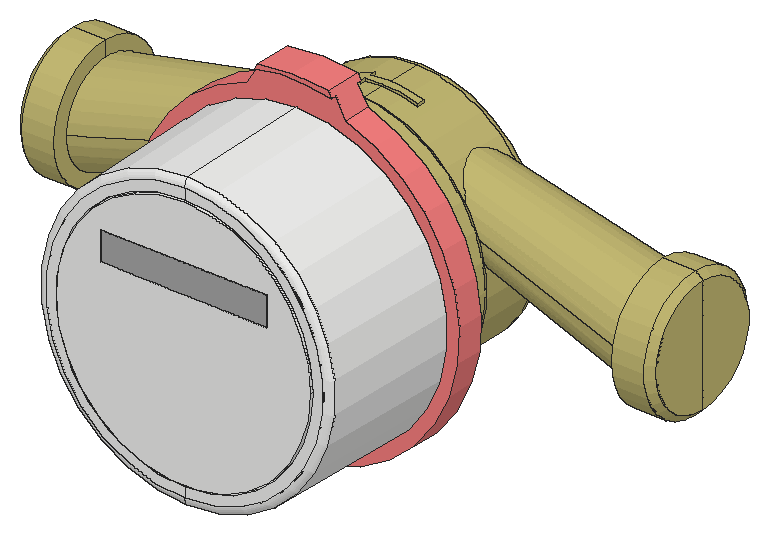
Revit family "СВЭУ", category Арматура трубопроводов, Revit 2019
Family settings
  Размер круглого соединителя = Использовать диаметр
  Тип детали = Вставляется
  На основе рабочей плоскости = Нет
  Всегда вертикально = Да
  При загрузке вырезать с полостями = Нет
  Общий = Нет
Parameters (values of type "СВЭУ-20-3.130.LW")
  Степень защиты = "IP54"
  Сайт производителя = "https://chronosmeter.com/"
  Резьба = 8 mm  # constant formula
  Разработка семейства = "Вадим Муратов ♦ muratovbim.pro"  # constant formula
  Номинальный расход = if(L = 110 mm, 1.500 m³/h, if(L = 80 mm, 1.500 m³/h, 2.500 m³/h))  # 2.500 m³/h
  Номинальное давление = 1600000.0 Pa  # constant formula
  Максимальный расход воды [instance] = if(L = 110 mm, 3.000 m³/h, if(L = 80 mm, 3.000 m³/h, 5.000 m³/h))  # 5.000 m³/h
  Интерфейс = "LoRaWAN"
  Изготовитель = "Valtec"  # constant formula
  Антенна = "внутренняя"
  L = 130 mm
  ADSK_Наименование = "Счетчик воды электронный универсальный СВЭУ-15, без монтажного комплекта"
  ADSK_Метрологический класс = "B"
  ADSK_Масса = if(L = 110 mm, 0.43, if(L = 80 mm, 0.43, 0.54))  # 0.54
  ADSK_Марка = "СВЭУ-20-3.130.LW"
  ADSK_Количество = 1  # constant formula
  ADSK_Код изделия = "C148-1103"
  ADSK_Завод-изготовитель = "Chronos Meter"  # constant formula
  ADSK_Единица измерения = "шт."  # constant formula
  ADSK_Диаметр условный = 20 mm
  ADSK_Версия семейства = "1.0"  # constant formula
  ADSK_Версия Revit = "2019"  # constant formula
  ADSK_URL страницы изделия = "https://valtec.ru/catalog/sistemy_dispetcherizacii/pribory_ucheta/vodoschetchik_universalnyj_s_besprovodnym_interfejsom_peredachi_dannyh_lora_bez_sgonov.html"
  ADSK_URL документации изделия = "https://valtec.ru/document/technical/VLF-SVEU-1023.pdf"
Types (22, lengths in mm): name | Степень защиты | Номинальный расход | Максимальный расход воды | Интерфейс | Антенна | L | ADSK_Метрологический класс | ADSK_Масса | ADSK_Марка | ADSK_Код изделия | ADSK_Диаметр условный
  СВЭУ-15-3.110.RS | "IP54" | 1.500 m³/h | 3.000 m³/h | "RS-485" | "-" | 110 | "B" | 0.43 | "СВЭУ-15-3.110.RS" | "C148-0300" | 15
  СВЭУ-15-3.110.MB | "IP54" | 1.500 m³/h | 3.000 m³/h | "M-BUS" | "-" | 110 | "B" | 0.43 | "СВЭУ-15-3.110.MB" | "C148-0301" | 15
  СВЭУ-15-3.110.WM | "IP54" | 1.500 m³/h | 3.000 m³/h | "wM-Bus" | "внутренняя" | 110 | "B" | 0.43 | "СВЭУ-15-3.110.WM" | "C148-0302" | 15
  СВЭУ-15-3.110.LW | "IP54" | 1.500 m³/h | 3.000 m³/h | "LoRaWAN" | "внутренняя" | 110 | "B" | 0.43 | "СВЭУ-15-3.110.LW" | "C148-0303" | 15
  СВЭУ-15C-4.110.LW | "IP54" | 1.500 m³/h | 3.000 m³/h | "LoRaWAN" | "внутренняя" | 110 | "C" | 0.43 | "СВЭУ-15C-4.110.LW" | "C148-0703" | 15
  СВЭУ-15-3.110.NT | "IP54" | 1.500 m³/h | 3.000 m³/h | "NB-IoT" | "внутренняя" | 110 | "B" | 0.43 | "СВЭУ-15-3.110.NT" | "C148-0305" | 15
  СВЭУ-15-3.80.RS | "IP54" | 1.500 m³/h | 3.000 m³/h | "RS-485" | "-" | 80 | "B" | 0.43 | "СВЭУ-15-3.80.RS" | "C148-0400" | 15
  СВЭУ-15-3.80.MB | "IP54" | 1.500 m³/h | 3.000 m³/h | "M-BUS" | "-" | 80 | "B" | 0.43 | "СВЭУ-15-3.80.MB" | "C148-0401" | 15
  СВЭУ-15-3.80.WM | "IP54" | 1.500 m³/h | 3.000 m³/h | "wM-BUS" | "внутренняя" | 80 | "B" | 0.43 | "СВЭУ-15-3.80.WM" | "C148-0402" | 15
  СВЭУ-15-3.80.LW | "IP54" | 1.500 m³/h | 3.000 m³/h | "LoRaWAN" | "внутренняя" | 80 | "B" | 0.43 | "СВЭУ-15-3.80.LW" | "C148-0403" | 15
  СВЭУ-15-3.80.NT | "IP54" | 1.500 m³/h | 3.000 m³/h | "NB-IoT" | "внутренняя" | 80 | "B" | 0.43 | "СВЭУ-15-3.80.NT" | "C148-0405" | 15
  СВЭУ-20-3.130.RS | "IP54" | 2.500 m³/h | 5.000 m³/h | "RS-485" | "-" | 130 | "B" | 0.54 | "СВЭУ-20-3.130.RS" | "C148-1100" | 20
  СВЭУ-20-3.130.MB | "IP54" | 2.500 m³/h | 5.000 m³/h | "M-BUS" | "-" | 130 | "B" | 0.54 | "СВЭУ-20-3.130.MB" | "C148-1101" | 20
  СВЭУ-20-3.130.WM | "IP54" | 2.500 m³/h | 5.000 m³/h | "wM-BUS" | "внутренняя" | 130 | "B" | 0.54 | "СВЭУ-20-3.130.WM" | "C148-1102" | 20
  СВЭУ-20-3.130.LW | "IP54" | 2.500 m³/h | 5.000 m³/h | "LoRaWAN" | "внутренняя" | 130 | "B" | 0.54 | "СВЭУ-20-3.130.LW" | "C148-1103" | 20
  СВЭУ-20-3.130.NT | "IP54" | 2.500 m³/h | 5.000 m³/h | "NB-IoT" | "внутренняя" | 130 | "B" | 0.54 | "СВЭУ-20-3.130.NT" | "C148-1105" | 20
  Протей 15.8 | "IP68" | 1.500 m³/h | 3.000 m³/h | "wM-Bus" | "внутренняя" | 110 | "B" | 0.43 | "Протей 15.8" | "C046-0100" | 15
  Протей 15C.8 | "IP68" | 1.500 m³/h | 3.000 m³/h | "wM-Bus" | "внутренняя" | 110 | "C" | 0.43 | "Протей 15C.8" | "C046-0700" | 15
  Протей 15.L.8.A | "IP68" | 1.500 m³/h | 3.000 m³/h | "LoRaWAN" | "внешняя" | 110 | "B" | 0.43 | "Протей 15.L.8.A" | "C046-0104" | 15
  Протей 15C.L.8.A | "IP68" | 1.500 m³/h | 3.000 m³/h | "LoRaWAN" | "внешняя" | 110 | "C" | 0.43 | "Протей 15C.L.8.A" | "C046-0106" | 15
  Протей 20.8 | "IP68" | 2.500 m³/h | 5.000 m³/h | "wM-BUS" | "внутренняя" | 130 | "B" | 0.54 | "Протей 20.8" | "C046-0300" | 20
  Протей 20.L.8.A | "IP68" | 2.500 m³/h | 5.000 m³/h | "LoRaWAN" | "внешняя" | 130 | "B" | 0.54 | "Протей 20.L.8.A" | "C046-0306" | 20
Reference planes
  plane 1 "По центру (Вперед/Назад)": y = 0
  plane 2: z = 0
  plane 3 "По центру (Влево/Вправо)": x = 0
  plane 4: x = -65
  plane 5: x = 65
  plane 6: x = -57
  plane 7: x = 57
Forms (mm)
  Revolve 1, solid, material "Латунь матовая", detail levels fine
    sketch origin (0, 0, 0) x (0, 1, 0) y (0, 0, 1)
      loop
        line (-16.8, 28.5) -> (-16.8, 0) -> (10.2, 0) -> (10.2, 23)
        arc (10.2, 23) -> (9.614, 24.414) -> (8.2, 25) r 2
        line (8.2, 25) -> (-6.8, 25)
        arc (-6.8, 25) -> (-7.507, 25.293) -> (-7.8, 26) r 1
        line (-7.8, 26) -> (-7.8, 26.8)
        arc (-7.8, 26.8) -> (-7.946, 27.154) -> (-8.3, 27.3) r 0.5
        line (-8.3, 27.3) -> (-13.6, 27.3)
        arc (-13.6, 27.3) -> (-14.449, 27.651) -> (-14.8, 28.5) r 1.2
        line (-14.8, 28.5) -> (-16.8, 28.5)
      axis (-16.8, 0) -> (10.2, 0)
    angle from 0 to 360
  Blend 2, solid, material "Латунь матовая", detail levels fine
    base sketch origin (0, 0, 0) x (0, 1, 0) y (0, 0, 1)
      loop
        circle (0, 0) r 10.2
    top sketch origin (0, 0, 0) x (0, 1, 0) y (0, 0, 1)
      loop
        circle (2, 12.891) r 7.5
    from -57 to -7.342
  Blend 3, solid, material "Латунь матовая", detail levels fine
    base sketch origin (0, 0, 0) x (0, 1, 0) y (0, 0, 1)
      loop
        circle (0, 0) r 10.2
    top sketch origin (0, 0, 0) x (0, 1, 0) y (0, 0, 1)
      loop
        circle (2, 12.891) r 7.5
    from 57 to 7.3
  Revolve 4, solid, material "Латунь матовая", detail levels fine
    sketch origin (0, 0, 0) x (1, 0, 0) y (0, 0, 1)
      loop
        line (-65, 0) -> (-57, 0) -> (-57, 13.2) -> (-63.6, 13.2) -> (-65, 11.8) -> (-65, 0)
      loop
        line (65, 0) -> (65, 11.8) -> (63.6, 13.2) -> (57, 13.2) -> (57, 0) -> (65, 0)
      axis (-65, 0) -> (65, 0)
    angle from 0 to 360
  Extrusion 5, solid, material "Пластик красный", detail levels fine
    sketch origin (0, 0, 0) x (1, 0, 0) y (0, 0, 1)
      loop
        line (10, 31.711) -> (7.88, 35.383)
        arc (7.88, 35.383) -> (0, 36.25) -> (-7.88, 35.383) r 36.25
        line (-7.88, 35.383) -> (-10, 31.711)
        arc (-10, 31.711) -> (0, -33.25) -> (10, 31.711) r 33.25
    from 16.8 to 22.3
  Extrusion 6, solid, material "Пластик красный", detail levels fine
    sketch origin (0, 0, 0) x (1, 0, 0) y (0, 0, 1)
      loop
        line (-7.208, 36.546) -> (-7.88, 35.383)
        arc (-7.88, 35.383) -> (0, 36.25) -> (7.88, 35.383) r 36.25
        line (7.88, 35.383) -> (7.208, 36.546)
        arc (7.208, 36.546) -> (0, 37.25) -> (-7.208, 36.546) r 37.25
    from 15.8 to 23.3
  Revolve 7, solid, material "Пластик белый", detail levels fine
    sketch origin (0, 0, 0) x (0, 1, 0) y (0, 0, 1)
      loop
        arc (-50.144, 30.041) -> (-50.773, 29.325) -> (-51, 28.4) r 2
        line (-51, 28.4) -> (-51, 26.336) -> (-50, 26.336) -> (-50, 0) -> (-22.3, 0) -> (-22.3, 30.6) -> (-50.144, 30.041)
      axis (-22.3, 0) -> (-51, 0)
    angle from 0 to 360
  Extrusion 8, solid, material "Дисплей", detail levels fine
    sketch origin (0, 0, 0) x (1, 0, 0) y (0, 0, 1)
      loop
        line (-17, 15) -> (-17, 9) -> (17, 9) -> (17, 15) -> (-17, 15)
    from 50.4 to 51.3
  Extrusion 9, solid, material "Пластик белый", detail levels fine
    sketch origin (0, 0, 0) x (1, 0, 0) y (0, 0, 1)
      loop
        circle (0, 0) r 26
      loop
        line (-17, 15) -> (-17, 9) -> (17, 9) -> (17, 15) -> (-17, 15)
    from 50.4 to 51.3
  Extrusion 10, solid, material "Латунь матовая", detail levels fine
    sketch origin (0, 0, 0) x (1, 0, 0) y (0, 1, 0)
      loop
        line (-3.396, 0.75) -> (-3.396, 1.75) -> (-7.727, 0) -> (-3.396, -1.75) -> (-3.409, -0.75) -> (7.409, -0.75) -> (7.409, 0.75) -> (-3.396, 0.75)
    from -25.5 to 25.5
  Extrusion 11, void
    sketch origin (0, 0, 0) x (1, 0, 0) y (0, 0, 1)
      loop
        circle (0, 0) r 25.5
      loop
        circle (0, 0) r 26.964
    from -2.5 to 2.5
Cuts and joins
  Extrusion 11 cuts Extrusion 10
  joined: Revolve 1, Blend 2, Blend 3, Extrusion 10
  Extrusion 11 cuts Extrusion 5
  Extrusion 11 cuts Extrusion 6
  joined: Extrusion 5, Extrusion 6
  Extrusion 11 cuts Extrusion 9
Lines and regions (mm)
  model lines, not visible, detail levels fine
    curve 1: line (11.113, -67.271, 36.978) -> (9.396, -67.271, 36.978)
    curve 2: line (9.396, -67.271, 36.978) -> (9.396, -67.271, 34.24)
    curve 3: line (9.396, -67.271, 34.24) -> (11.113, -67.271, 34.24)
    curve 4: line (11.61, -67.271, 36.978) -> (11.61, -67.271, 34.24)
    curve 5: line (15.54, -67.271, 36.978) -> (13.824, -67.271, 36.978)
    curve 6: line (13.824, -67.271, 36.978) -> (13.824, -67.271, 34.24)
    curve 7: line (13.824, -67.271, 35.609) -> (15.54, -67.271, 34.24)
    curve 8: line (17.754, -67.271, 36.978) -> (16.038, -67.271, 36.978)
    curve 9: line (16.038, -67.271, 36.978) -> (16.038, -67.271, 34.24)
    curve 10: line (16.038, -67.271, 34.24) -> (17.754, -67.271, 34.24)
    curve 11: line (18.252, -67.271, 36.978) -> (18.252, -67.271, 34.24)
    curve 12: line (22.182, -67.271, 36.978) -> (20.466, -67.271, 36.978)
    curve 13: line (20.466, -67.271, 36.978) -> (20.466, -67.271, 34.24)
    curve 14: line (20.466, -67.271, 34.24) -> (22.182, -67.271, 34.24)
    curve 15: line (24.396, -67.271, 36.978) -> (22.68, -67.271, 36.978)
    curve 16: line (22.68, -67.271, 36.978) -> (22.68, -67.271, 35.609)
    curve 17: line (22.68, -67.271, 34.24) -> (24.396, -67.271, 34.24)
    curve 18: line (11.61, -67.271, 33.763) -> (11.61, -67.271, 31.026)
    curve 19: line (15.54, -67.271, 33.763) -> (13.824, -67.271, 33.763)
    curve 20: line (13.824, -67.271, 33.763) -> (13.824, -67.271, 31.026)
    curve 21: line (13.824, -67.271, 31.026) -> (15.54, -67.271, 31.026)
    curve 22: line (17.754, -67.271, 33.763) -> (16.038, -67.271, 33.763)
    curve 23: line (19.968, -67.271, 33.763) -> (18.252, -67.271, 33.763)
    curve 24: line (18.252, -67.271, 33.763) -> (18.252, -67.271, 31.026)
    curve 25: line (18.252, -67.271, 31.026) -> (19.968, -67.271, 31.026)
    curve 26: line (13.327, -67.271, 36.978) -> (13.327, -67.271, 34.24)
    curve 27: line (11.61, -67.271, 35.609) -> (13.327, -67.271, 35.609)
    curve 28: line (13.824, -67.271, 35.609) -> (15.54, -67.271, 35.609)
    curve 29: line (15.54, -67.271, 35.609) -> (15.54, -67.271, 36.978)
    curve 30: line (17.754, -67.271, 36.978) -> (17.754, -67.271, 34.24)
    curve 31: line (19.968, -67.271, 36.978) -> (19.968, -67.271, 34.24)
    curve 32: line (18.252, -67.271, 36.978) -> (19.968, -67.271, 34.24)
    curve 33: line (22.182, -67.271, 36.978) -> (22.182, -67.271, 34.24)
    curve 34: line (22.68, -67.271, 35.609) -> (24.396, -67.271, 35.609)
    curve 35: line (24.396, -67.271, 35.609) -> (24.396, -67.271, 34.24)
    curve 36: line (13.327, -67.271, 33.763) -> (13.327, -67.271, 31.026)
    curve 37: line (11.61, -67.271, 33.763) -> (12.468, -67.271, 32.395)
    curve 38: line (12.468, -67.271, 32.395) -> (13.327, -67.271, 33.763)
    curve 39: line (16.896, -67.271, 33.763) -> (16.896, -67.271, 31.026)
    curve 40: line (13.824, -67.271, 32.395) -> (14.682, -67.271, 32.395)
    curve 41: line (18.252, -67.271, 32.395) -> (19.173, -67.271, 32.395)
    curve 42: line (22.182, -67.271, 33.763) -> (20.466, -67.271, 33.763)
    curve 43: line (20.466, -67.271, 33.763) -> (20.466, -67.271, 31.026)
    curve 44: line (20.466, -67.271, 32.395) -> (22.182, -67.271, 31.026)
    curve 45: line (20.466, -67.271, 32.395) -> (22.182, -67.271, 32.395)
    curve 46: line (22.182, -67.271, 32.395) -> (22.182, -67.271, 33.763)
    curve 47: circle (5.057, -67.271, 33.751) r 3.026 normal (0, 1, 0)
    curve 48: spline (3.544, -67.271, 31.131) -> (4.14, -67.271, 30.905) -> (4.799, -67.271, 30.874) -> (5.476, -67.271, 31.038) -> (6.124, -67.271, 31.388) -> (6.699, -67.271, 31.898) -> (7.163, -67.271, 32.535) -> (7.482, -67.271, 33.255) -> (7.637, -67.271, 34.008) -> (7.616, -67.271, 34.744) -> (7.42, -67.271, 35.412) -> (7.063, -67.271, 35.967) -> (6.57, -67.271, 36.371) -> (5.973, -67.271, 36.597) -> (5.314, -67.271, 36.628) -> (4.637, -67.271, 36.464) -> (3.989, -67.271, 36.114) -> (3.414, -67.271, 35.604) -> (2.951, -67.271, 34.967) -> (2.631, -67.271, 34.247) -> (2.476, -67.271, 33.494) -> (2.498, -67.271, 32.758) -> (2.693, -67.271, 32.09) -> (3.05, -67.271, 31.535) -> (3.544, -67.271, 31.131)
    curve 49: spline (3.544, -67.271, 31.131) -> (3.873, -67.271, 31.06) -> (4.282, -67.271, 31.173) -> (4.744, -67.271, 31.461) -> (5.228, -67.271, 31.905) -> (5.699, -67.271, 32.476) -> (6.128, -67.271, 33.133) -> (6.483, -67.271, 33.832) -> (6.741, -67.271, 34.526) -> (6.884, -67.271, 35.167) -> (6.902, -67.271, 35.711) -> (6.795, -67.271, 36.122) -> (6.57, -67.271, 36.371) -> (6.241, -67.271, 36.442) -> (5.831, -67.271, 36.329) -> (5.369, -67.271, 36.041) -> (4.886, -67.271, 35.597) -> (4.414, -67.271, 35.026) -> (3.986, -67.271, 34.369) -> (3.631, -67.271, 33.67) -> (3.373, -67.271, 32.976) -> (3.23, -67.271, 32.335) -> (3.211, -67.271, 31.791) -> (3.318, -67.271, 31.38) -> (3.544, -67.271, 31.131)
    curve 50: line (2.436, -67.271, 35.264) -> (7.677, -67.271, 32.238)
    curve 51: line (5.102, -67.271, 36.776) -> (7.654, -67.271, 35.303)
    curve 52: line (2.459, -67.271, 32.199) -> (5.012, -67.271, 30.726)
    curve 53: line (6.57, -67.271, 36.371) -> (3.544, -67.271, 31.131)
  model lines, detail levels fine
    curve 54: line (-3.636, -51.3, 22.475) -> (-5.353, -51.3, 22.475)
    curve 55: line (-5.353, -51.3, 22.475) -> (-5.353, -51.3, 19.738)
    curve 56: line (-5.353, -51.3, 19.738) -> (-3.636, -51.3, 19.738)
    curve 57: line (-3.139, -51.3, 22.475) -> (-3.139, -51.3, 19.738)
    curve 58: line (0.791, -51.3, 22.475) -> (-0.925, -51.3, 22.475)
    curve 59: line (-0.925, -51.3, 22.475) -> (-0.925, -51.3, 19.738)
    curve 60: line (-0.925, -51.3, 21.106) -> (0.791, -51.3, 19.738)
    curve 61: line (3.005, -51.3, 22.475) -> (1.289, -51.3, 22.475)
    curve 62: line (1.289, -51.3, 22.475) -> (1.289, -51.3, 19.738)
    curve 63: line (1.289, -51.3, 19.738) -> (3.005, -51.3, 19.738)
    curve 64: line (3.503, -51.3, 22.475) -> (3.503, -51.3, 19.738)
    curve 65: line (7.433, -51.3, 22.475) -> (5.716, -51.3, 22.475)
    curve 66: line (5.716, -51.3, 22.475) -> (5.716, -51.3, 19.738)
    curve 67: line (5.716, -51.3, 19.738) -> (7.433, -51.3, 19.738)
    curve 68: line (9.647, -51.3, 22.475) -> (7.93, -51.3, 22.475)
    curve 69: line (7.93, -51.3, 22.475) -> (7.93, -51.3, 21.106)
    curve 70: line (7.93, -51.3, 19.738) -> (9.647, -51.3, 19.738)
    curve 71: line (-3.139, -51.3, 19.261) -> (-3.139, -51.3, 16.523)
    curve 72: line (0.791, -51.3, 19.261) -> (-0.925, -51.3, 19.261)
    curve 73: line (-0.925, -51.3, 19.261) -> (-0.925, -51.3, 16.523)
    curve 74: line (-0.925, -51.3, 16.523) -> (0.791, -51.3, 16.523)
    curve 75: line (3.005, -51.3, 19.261) -> (1.289, -51.3, 19.261)
    curve 76: line (5.219, -51.3, 19.261) -> (3.503, -51.3, 19.261)
    curve 77: line (3.503, -51.3, 19.261) -> (3.503, -51.3, 16.523)
    curve 78: line (3.503, -51.3, 16.523) -> (5.219, -51.3, 16.523)
    curve 79: line (-1.423, -51.3, 22.475) -> (-1.423, -51.3, 19.738)
    curve 80: line (-3.139, -51.3, 21.106) -> (-1.423, -51.3, 21.106)
    curve 81: line (-0.925, -51.3, 21.106) -> (0.791, -51.3, 21.106)
    curve 82: line (0.791, -51.3, 21.106) -> (0.791, -51.3, 22.475)
    curve 83: line (3.005, -51.3, 22.475) -> (3.005, -51.3, 19.738)
    curve 84: line (5.219, -51.3, 22.475) -> (5.219, -51.3, 19.738)
    curve 85: line (3.503, -51.3, 22.475) -> (5.219, -51.3, 19.738)
    curve 86: line (7.433, -51.3, 22.475) -> (7.433, -51.3, 19.738)
    curve 87: line (7.93, -51.3, 21.106) -> (9.647, -51.3, 21.106)
    curve 88: line (9.647, -51.3, 21.106) -> (9.647, -51.3, 19.738)
    curve 89: line (-1.423, -51.3, 19.261) -> (-1.423, -51.3, 16.523)
    curve 90: line (-3.139, -51.3, 19.261) -> (-2.281, -51.3, 17.892)
    curve 91: line (-2.281, -51.3, 17.892) -> (-1.423, -51.3, 19.261)
    curve 92: line (2.147, -51.3, 19.261) -> (2.147, -51.3, 16.523)
    curve 93: line (-0.925, -51.3, 17.892) -> (-0.067, -51.3, 17.892)
    curve 94: line (3.503, -51.3, 17.892) -> (4.424, -51.3, 17.892)
    curve 95: line (7.433, -51.3, 19.261) -> (5.716, -51.3, 19.261)
    curve 96: line (5.716, -51.3, 19.261) -> (5.716, -51.3, 16.523)
    curve 97: line (5.716, -51.3, 17.892) -> (7.433, -51.3, 16.523)
    curve 98: line (5.716, -51.3, 17.892) -> (7.433, -51.3, 17.892)
    curve 99: line (7.433, -51.3, 17.892) -> (7.433, -51.3, 19.261)
    curve 100: circle (-9.692, -51.3, 19.248) r 3.026 normal (0, 1, 0)
    curve 101: spline (-11.205, -51.3, 16.628) -> (-10.609, -51.3, 16.403) -> (-9.95, -51.3, 16.371) -> (-9.273, -51.3, 16.536) -> (-8.625, -51.3, 16.885) -> (-8.05, -51.3, 17.396) -> (-7.586, -51.3, 18.033) -> (-7.267, -51.3, 18.752) -> (-7.112, -51.3, 19.506) -> (-7.133, -51.3, 20.242) -> (-7.329, -51.3, 20.91) -> (-7.686, -51.3, 21.465) -> (-8.18, -51.3, 21.869) -> (-8.776, -51.3, 22.094) -> (-9.435, -51.3, 22.126) -> (-10.112, -51.3, 21.961) -> (-10.76, -51.3, 21.612) -> (-11.335, -51.3, 21.101) -> (-11.798, -51.3, 20.464) -> (-12.118, -51.3, 19.745) -> (-12.273, -51.3, 18.991) -> (-12.251, -51.3, 18.255) -> (-12.056, -51.3, 17.587) -> (-11.699, -51.3, 17.032) -> (-11.205, -51.3, 16.628)
    curve 102: spline (-11.205, -51.3, 16.628) -> (-10.877, -51.3, 16.557) -> (-10.467, -51.3, 16.67) -> (-10.005, -51.3, 16.958) -> (-9.521, -51.3, 17.403) -> (-9.05, -51.3, 17.973) -> (-8.622, -51.3, 18.63) -> (-8.267, -51.3, 19.329) -> (-8.009, -51.3, 20.023) -> (-7.865, -51.3, 20.664) -> (-7.847, -51.3, 21.209) -> (-7.954, -51.3, 21.62) -> (-8.18, -51.3, 21.869) -> (-8.508, -51.3, 21.94) -> (-8.918, -51.3, 21.827) -> (-9.38, -51.3, 21.539) -> (-9.863, -51.3, 21.094) -> (-10.335, -51.3, 20.524) -> (-10.763, -51.3, 19.867) -> (-11.118, -51.3, 19.167) -> (-11.376, -51.3, 18.474) -> (-11.519, -51.3, 17.833) -> (-11.538, -51.3, 17.288) -> (-11.431, -51.3, 16.877) -> (-11.205, -51.3, 16.628)
    curve 103: line (-12.313, -51.3, 20.761) -> (-7.072, -51.3, 17.736)
    curve 104: line (-9.647, -51.3, 22.274) -> (-7.095, -51.3, 20.8)
    curve 105: line (-12.29, -51.3, 17.697) -> (-9.738, -51.3, 16.223)
    curve 106: line (-8.18, -51.3, 21.869) -> (-11.205, -51.3, 16.628)
Dimensions and locks
  equal spacing: plane 4, plane 3 "По центру (Влево/Вправо)", plane 5
  "L": plane 4 to plane 5
  "Резьба": plane 4 to plane 6
  "Резьба": plane 5 to plane 7
  aligned and locked: level to plane 2
  aligned and locked: plane 1 "По центру (Вперед/Назад)" to nested 1
  aligned and locked: plane 1 "По центру (Вперед/Назад)" to nested 2
  aligned and locked: plane 3 "По центру (Влево/Вправо)" to nested 2
  aligned and locked: Blend 3 to Revolve 4
  aligned and locked: Blend 2 to Revolve 4
  aligned and locked: nested 1 to plane 5
  aligned and locked: nested 1 to plane 4
  aligned and locked: Revolve 4 sketch curve to plane 6
  aligned and locked: plane 7 to Revolve 4 sketch curve
Automatic sketch dimensions
  Revolve 1 sketch curve to level = 0 mm  (x2)
  plane 1 "По центру (Вперед/Назад)" to Revolve 1 sketch curve = 16.8 mm
  Revolve 1 sketch curve to Revolve 1 sketch curve = 2 mm
  Revolve 1 sketch curve to Revolve 1 sketch curve = 1.2 mm
  Revolve 1 sketch curve to Revolve 1 sketch curve = 5.3 mm
  Revolve 1 sketch curve to Revolve 1 sketch curve = 0.5 mm
  Revolve 1 sketch curve to Revolve 1 sketch curve = 1 mm
  Revolve 1 sketch curve to plane 1 "По центру (Вперед/Назад)" = 8.2 mm
  Revolve 1 sketch curve to plane 1 "По центру (Вперед/Назад)" = 10.2 mm
  level to Revolve 1 sketch curve = 23 mm
  Revolve 1 sketch curve to Revolve 1 sketch curve = 0.8 mm
  Revolve 1 sketch curve to Revolve 1 sketch curve = 0 mm
  Revolve 1 sketch curve to Revolve 1 sketch curve = 1.981 mm
  Blend 2 sketch curve to level = 0 mm
  Blend 2 sketch curve to plane 1 "По центру (Вперед/Назад)" = 0 mm
  Blend 2 sketch curve to plane 1 "По центру (Вперед/Назад)" = 2 mm
  level to Blend 2 sketch curve = 12.891 mm
  Blend 3 sketch curve to level = 0 mm
  Blend 3 sketch curve to plane 1 "По центру (Вперед/Назад)" = 0 mm
  Blend 3 sketch curve to plane 1 "По центру (Вперед/Назад)" = 2 mm
  level to Blend 3 sketch curve = 12.891 mm
  Extrusion 5 sketch curve to Extrusion 5 sketch curve = 0 mm  (x2)
  Extrusion 5 sketch curve to level = 0 mm
  Extrusion 5 sketch curve to plane 3 "По центру (Влево/Вправо)" = 0 mm
  Extrusion 5 sketch curve to plane 3 "По центру (Влево/Вправо)" = 7.88 mm
  Extrusion 5 sketch curve to Extrusion 5 sketch curve = 2.12 mm  (x2)
  plane 3 "По центру (Влево/Вправо)" to Extrusion 5 sketch curve = 7.88 mm
  level to Extrusion 5 sketch curve = 31.711 mm
  Extrusion 5 sketch curve to Extrusion 5 sketch curve = 3.673 mm
  Extrusion 6 sketch curve to Extrusion 6 sketch curve = 0 mm  (x2)
  Extrusion 6 sketch curve to level = 0 mm
  Extrusion 6 sketch curve to plane 3 "По центру (Влево/Вправо)" = 0 mm
  Extrusion 6 sketch curve to plane 3 "По центру (Влево/Вправо)" = 7.208 mm
  Extrusion 6 sketch curve to Extrusion 6 sketch curve = 0.671 mm  (x2)
  plane 3 "По центру (Влево/Вправо)" to Extrusion 6 sketch curve = 7.208 mm
  level to Extrusion 6 sketch curve = 35.383 mm
  Extrusion 6 sketch curve to Extrusion 6 sketch curve = 1.163 mm
  Extrusion 8 sketch curve to plane 3 "По центру (Влево/Вправо)" = 17 mm
  plane 3 "По центру (Влево/Вправо)" to Extrusion 8 sketch curve = 17 mm
  level to Extrusion 8 sketch curve = 9 mm
  Extrusion 8 sketch curve to Extrusion 8 sketch curve = 6 mm
  Extrusion 9 sketch curve to level = 0 mm
  Extrusion 9 sketch curve to plane 3 "По центру (Влево/Вправо)" = 0 mm
  level to Extrusion 9 sketch curve = 9 mm
  Extrusion 9 sketch curve to Extrusion 9 sketch curve = 6 mm
  plane 1 "По центру (Вперед/Назад)" to Extrusion 10 sketch curve = 0 mm
  Extrusion 10 sketch curve to plane 3 "По центру (Влево/Вправо)" = 7.727 mm
  plane 1 "По центру (Вперед/Назад)" to Extrusion 10 sketch curve = 0.75 mm
  Extrusion 10 sketch curve to plane 3 "По центру (Влево/Вправо)" = 3.409 mm
  Extrusion 10 sketch curve to plane 1 "По центру (Вперед/Назад)" = 0.75 mm
  Extrusion 10 sketch curve to Extrusion 10 sketch curve = 0.013 mm  (x2)
  plane 3 "По центру (Влево/Вправо)" to Extrusion 10 sketch curve = 7.409 mm
  Extrusion 10 sketch curve to Extrusion 10 sketch curve = 1 mm  (x2)
  Extrusion 11 sketch curve to Extrusion 11 sketch curve = 0 mm  (x2)
  Extrusion 11 sketch curve to level = 0 mm
  Extrusion 11 sketch curve to plane 3 "По центру (Влево/Вправо)" = 0 mm
  Extrusion 9 sketch curve to plane 3 "По центру (Влево/Вправо)" = 17 mm
  plane 3 "По центру (Влево/Вправо)" to Extrusion 9 sketch curve = 17 mm
  curve 78 to curve 74 = 0 mm
  curve 73 to curve 91 = 1.369 mm
  curve 78 to curve 98 = 1.369 mm
  curve 91 to curve 100 = 1.356 mm
  curve 91 to curve 91 = 1.369 mm
  curve 98 to curve 99 = 1.369 mm
  curve 91 to curve 71 = 1.369 mm
  curve 72 to curve 91 = 0 mm
  curve 76 to curve 95 = 0 mm
  curve 95 to curve 67 = 0.477 mm
  curve 90 to curve 56 = 0.477 mm
  curve 76 to curve 63 = 0.477 mm
  curve 70 to curve 67 = 0 mm
  curve 76 to curve 84 = 0.477 mm
  curve 62 to curve 82 = 1.369 mm
  curve 70 to curve 87 = 1.369 mm
  curve 81 to curve 83 = 1.369 mm
  curve 82 to curve 61 = 0 mm
  curve 69 to curve 69 = 1.369 mm
  curve 66 to curve 68 = 0 mm
  curve 85 to curve 61 = 0 mm
  curve 55 to curve 55 = 2.737 mm
  curve 100 to curve 55 = 4.339 mm
  curve 55 to curve 90 = 2.214 mm
  curve 71 to curve 91 = 0.858 mm
  curve 91 to curve 91 = 0.858 mm
  curve 89 to curve 81 = 0.497 mm
  curve 72 to curve 59 = 0 mm
  curve 58 to curve 82 = 1.717 mm
  curve 81 to curve 63 = 0.497 mm
  curve 62 to curve 83 = 1.717 mm
  curve 61 to curve 85 = 0.497 mm
  curve 77 to curve 64 = 0 mm
  curve 64 to curve 85 = 1.717 mm
  curve 85 to curve 96 = 0.497 mm
  curve 95 to curve 66 = 0 mm
  curve 65 to curve 65 = 1.717 mm
  curve 97 to curve 98 = 1.717 mm
  curve 65 to curve 68 = 0.497 mm
  curve 69 to curve 88 = 1.717 mm
  curve 105 to curve 100 = 3.025 mm
  curve 92 to curve 77 = 0 mm
  curve 89 to curve 73 = 0 mm
  curve 96 to curve 78 = 0 mm
  curve 71 to curve 90 = 1.369 mm
  curve 97 to curve 98 = 1.369 mm
  curve 105 to curve 106 = 0.405 mm
  curve 102 to curve 106 = 0 mm  (x2)
  curve 101 to curve 102 = 0 mm  (x2)
  curve 106 to curve 105 = 1.069 mm
  curve 103 to curve 55 = 2.002 mm
  curve 93 to curve 90 = 0 mm
  curve 94 to curve 76 = 1.369 mm
  curve 101 to curve 100 = 0 mm
  curve 102 to curve 100 = 0 mm
  curve 92 to curve 62 = 0.477 mm
  curve 89 to curve 79 = 0.477 mm
  curve 76 to curve 64 = 0.477 mm
  curve 72 to curve 59 = 0.477 mm
  curve 71 to curve 57 = 0.477 mm
  curve 72 to curve 60 = 0.477 mm
  curve 100 to curve 103 = 1.513 mm
  curve 55 to curve 104 = 1.062 mm
  curve 80 to curve 60 = 0 mm
  curve 104 to curve 106 = 1.069 mm
  curve 106 to curve 104 = 0.405 mm
  curve 84 to curve 65 = 0 mm
  curve 79 to curve 58 = 0 mm
  curve 57 to curve 54 = 0 mm
  curve 105 to curve 100 = 0.045 mm
  curve 56 to curve 90 = 0.497 mm
  curve 54 to curve 54 = 1.717 mm
  curve 54 to curve 80 = 0.497 mm
  curve 79 to curve 58 = 0.497 mm
  curve 93 to curve 93 = 0.858 mm
  curve 93 to curve 74 = 0.858 mm
  curve 60 to curve 62 = 0.497 mm
  curve 72 to curve 60 = 0 mm
  curve 75 to curve 62 = 0 mm
  curve 75 to curve 92 = 0.858 mm
  curve 75 to curve 63 = 0 mm
  curve 94 to curve 94 = 0.921 mm
  curve 76 to curve 84 = 0 mm
  curve 78 to curve 96 = 0.497 mm
  curve 97 to curve 98 = 0 mm
  curve 67 to curve 70 = 0.497 mm
  curve 87 to curve 68 = 0 mm
  curve 25 to curve 21 = 0 mm
  curve 20 to curve 38 = 1.369 mm
  curve 25 to curve 45 = 1.369 mm
  curve 38 to curve 47 = 1.356 mm
  curve 38 to curve 38 = 1.369 mm
  curve 45 to curve 46 = 1.369 mm
  curve 38 to curve 18 = 1.369 mm
  curve 19 to curve 38 = 0 mm
  curve 23 to curve 42 = 0 mm
  curve 42 to curve 14 = 0.477 mm
  curve 37 to curve 3 = 0.477 mm
  curve 23 to curve 10 = 0.477 mm
  curve 17 to curve 14 = 0 mm
  curve 23 to curve 31 = 0.477 mm
  curve 9 to curve 29 = 1.369 mm
  curve 17 to curve 34 = 1.369 mm
  curve 28 to curve 30 = 1.369 mm
  curve 29 to curve 8 = 0 mm
  curve 16 to curve 16 = 1.369 mm
  curve 13 to curve 15 = 0 mm
  curve 32 to curve 8 = 0 mm
  curve 2 to curve 2 = 2.737 mm
  curve 47 to curve 2 = 4.339 mm
  curve 2 to curve 37 = 2.214 mm
  curve 18 to curve 38 = 0.858 mm
  curve 38 to curve 38 = 0.858 mm
  curve 36 to curve 28 = 0.497 mm
  curve 19 to curve 6 = 0 mm
  curve 5 to curve 29 = 1.717 mm
  curve 28 to curve 10 = 0.497 mm
  curve 9 to curve 30 = 1.717 mm
  curve 8 to curve 32 = 0.497 mm
  curve 24 to curve 11 = 0 mm
  curve 11 to curve 32 = 1.717 mm
  curve 32 to curve 43 = 0.497 mm
  curve 42 to curve 13 = 0 mm
  curve 12 to curve 12 = 1.717 mm
  curve 44 to curve 45 = 1.717 mm
  curve 12 to curve 15 = 0.497 mm
  curve 16 to curve 35 = 1.717 mm
  curve 52 to curve 47 = 3.025 mm
  curve 39 to curve 24 = 0 mm
  curve 36 to curve 20 = 0 mm
  curve 43 to curve 25 = 0 mm
  curve 18 to curve 37 = 1.369 mm
  curve 44 to curve 45 = 1.369 mm
  curve 52 to curve 53 = 0.405 mm
  curve 49 to curve 53 = 0 mm  (x2)
  curve 48 to curve 49 = 0 mm  (x2)
  curve 53 to curve 52 = 1.069 mm
  curve 50 to curve 2 = 2.002 mm
  curve 40 to curve 37 = 0 mm
  curve 41 to curve 23 = 1.369 mm
  curve 48 to curve 47 = 0 mm
  curve 49 to curve 47 = 0 mm
  curve 39 to curve 9 = 0.477 mm
  curve 36 to curve 26 = 0.477 mm
  curve 23 to curve 11 = 0.477 mm
  curve 19 to curve 6 = 0.477 mm
  curve 18 to curve 4 = 0.477 mm
  curve 19 to curve 7 = 0.477 mm
  curve 47 to curve 50 = 1.513 mm
  curve 2 to curve 51 = 1.062 mm
  curve 27 to curve 7 = 0 mm
  curve 51 to curve 53 = 1.069 mm
  curve 53 to curve 51 = 0.405 mm
  curve 31 to curve 12 = 0 mm
  curve 26 to curve 5 = 0 mm
  curve 4 to curve 1 = 0 mm
  curve 52 to curve 47 = 0.045 mm
  curve 3 to curve 37 = 0.497 mm
  curve 1 to curve 1 = 1.717 mm
  curve 1 to curve 27 = 0.497 mm
  curve 26 to curve 5 = 0.497 mm
  curve 40 to curve 40 = 0.858 mm
  curve 40 to curve 21 = 0.858 mm
  curve 7 to curve 9 = 0.497 mm
  curve 19 to curve 7 = 0 mm
  curve 22 to curve 9 = 0 mm
  curve 22 to curve 39 = 0.858 mm
  curve 22 to curve 10 = 0 mm
  curve 41 to curve 41 = 0.921 mm
  curve 23 to curve 31 = 0 mm
  curve 25 to curve 43 = 0.497 mm
  curve 44 to curve 45 = 0 mm
  curve 14 to curve 17 = 0.497 mm
  curve 34 to curve 15 = 0 mm
  plane 4 to Revolve 4 sketch curve = 0 mm
  Revolve 4 sketch curve to level = 0 mm  (x3)
  Revolve 4 sketch curve to plane 3 "По центру (Влево/Вправо)" = 0 mm
  Revolve 4 sketch curve to plane 5 = 0 mm
  Revolve 4 sketch curve to plane 4 = 1.4 mm
  Revolve 4 sketch curve to plane 5 = 1.4 mm
  level to Revolve 4 sketch curve = 11.8 mm  (x2)
  Revolve 4 sketch curve to Revolve 4 sketch curve = 1.4 mm  (x2)
  plane 3 "По центру (Влево/Вправо)" to Revolve 4 sketch curve = 2 mm
  Revolve 7 sketch curve to level = 0 mm  (x2)
  Revolve 7 sketch curve to Revolve 7 sketch curve = 1 mm  (x2)
  Revolve 7 sketch curve to Revolve 7 sketch curve = 1.144 mm
  plane 1 "По центру (Вперед/Назад)" to Revolve 7 sketch curve = 22.3 mm
  level to Revolve 7 sketch curve = 26.336 mm
  Revolve 7 sketch curve to Revolve 7 sketch curve = 2.064 mm
  Revolve 7 sketch curve to Revolve 7 sketch curve = 2.2 mm
  Revolve 7 sketch curve to Revolve 7 sketch curve = 2 mm
  Revolve 7 sketch curve to Revolve 7 sketch curve = 0 mm
  Revolve 7 sketch curve to Revolve 7 sketch curve = 26.7 mm
  radius of Blend 2 sketch curve = 10.2 mm
  radius of Blend 2 sketch curve = 7.5 mm
  radius of Blend 3 sketch curve = 10.2 mm
  radius of Blend 3 sketch curve = 7.5 mm
  radius of Extrusion 9 sketch curve = 26 mm
  radius of Extrusion 11 sketch curve = 25.5 mm
  radius of Extrusion 11 sketch curve = 26.964 mm
Nested families
  nested 1: "УГО_АТ_Водомер" at (0, 0, 0) x (1, 0, 0) z (0, -1, 0), type "УГО_АТ_Водомер", detail levels coarse+medium
    with B 55 mm, A 130 mm
  nested 2: "УГО_ЭУ_Водомер" at (0, 0, 0), Длина <- "L", type "УГО_ЭУ_Водомер", detail levels coarse+medium
    with Длина 130 mm, Высота 65 mm
Connectors
  piping at (65, 0, 0), diameter 20, driven by "ADSK_Диаметр условный"
    settings: on Revolve 4, index 1, connector inside diameter 609.6 mm, connector length 0 mm, flow factor 0, pipe flow 0.000 m³/h, pressure drop 0.0 Pa, fitting loss kfactor 0, connector angle 0.00°, fixture units 0, engagement length 0 mm, angle of deflection 0.00°, flow configuration 0, flow direction 1, fitting loss method 0, system type 29, joint type 0, gender type 0, connector reference index 2, connector utility 0, adjustable connector no, is connector primary yes, connector description ""
  piping at (-65, 0, 0), diameter 20, driven by "ADSK_Диаметр условный"
    settings: on Revolve 4, index 2, connector inside diameter 609.6 mm, connector length 0 mm, flow factor 0, pipe flow 0.000 m³/h, pressure drop 0.0 Pa, fitting loss kfactor 0, connector angle 0.00°, fixture units 0, engagement length 0 mm, angle of deflection 0.00°, flow configuration 0, flow direction 2, fitting loss method 0, system type 29, joint type 0, gender type 0, connector reference index 1, connector utility 0, adjustable connector no, is connector primary no, connector description ""
Definition of nested family "УГО_АТ_Водомер"
  Parameters (values of type "УГО_АТ_Водомер")
    B [instance] = 100 mm
    A [instance] = 200 mm
  Reference planes
    plane 1 "По центру (Вперед/Назад)": y = 0
    plane 2: z = 0
    plane 3 "По центру (Влево/Вправо)": x = 0
    plane 4: x = -100
    plane 5: x = 100
    plane 6: y = -50
    plane 7: y = 50
  Forms (mm)
    Extrusion 1, solid
      sketch origin (0, 0, 0) x (1, 0, 0) y (0, 1, 0)
        loop
          line (-100, -50) -> (100, 50) -> (-100, 50) -> (-100, -50)
      from -0.5 to 0.5
    Extrusion 2, solid
      sketch origin (0, 0, 0) x (1, 0, 0) y (0, 1, 0)
        loop
          line (-100, -50) -> (100, -50) -> (100, 50) -> (-100, -50)
      from -0.5 to 0.5
  Dimensions and locks
    equal spacing: plane 4, plane 3 "По центру (Влево/Вправо)", plane 5
    "A": plane 4 to plane 5
    equal spacing: plane 6, plane 1 "По центру (Вперед/Назад)", plane 7
    "B": plane 6 to plane 7
    aligned and locked: level to plane 2
    aligned and locked: plane 7 to Extrusion 1 sketch curve
    aligned and locked: plane 6 to Extrusion 1 sketch curve
    aligned and locked: plane 4 to Extrusion 1 sketch curve  (x2)
    aligned and locked: plane 5 to Extrusion 1 sketch curve
    aligned and locked: plane 4 to Extrusion 2 sketch curve
    aligned and locked: Extrusion 2 sketch curve to plane 6
    aligned and locked: plane 7 to Extrusion 2 sketch curve
    aligned and locked: plane 6 to Extrusion 2 sketch curve
    aligned and locked: Extrusion 2 sketch curve to plane 5
Definition of nested family "УГО_ЭУ_Водомер"
  Parameters (values of type "УГО_ЭУ_Водомер")
    Длина [instance] = 110 mm
    Высота [instance] = Длина / 2  # 55 mm
  Reference planes
    plane 1 "По центру (Вперед/Назад)": y = 0
    plane 2: z = 0
    plane 3 "По центру (Влево/Вправо)": x = 0
    plane 4: y = 27.5
    plane 5: y = -27.5
    plane 6: x = -55
    plane 7: x = 55
  Lines and regions (mm)
    Filled region 1, type "Белый", in view "Опорный уровень"
      outline origin (0, 0, 0) x (1, 0, 0) y (0, 1, 0)
        loop
          line (-55, -27.5) -> (55, 27.5) -> (-55, 27.5) -> (-55, -27.5)
    Filled region 2, type "Черный", in view "Опорный уровень"
      outline origin (0, 0, 0) x (1, 0, 0) y (0, 1, 0)
        loop
          line (55, 27.5) -> (-55, -27.5) -> (55, -27.5) -> (55, 27.5)
  Dimensions and locks
    equal spacing: plane 6, plane 3 "По центру (Влево/Вправо)", plane 7
    "Длина": plane 6 to plane 7
    equal spacing: plane 4, plane 1 "По центру (Вперед/Назад)", plane 5
    "Высота": plane 4 to plane 5
    aligned and locked: plane 7 to Filled region 1 sketch curve
    aligned and locked: plane 4 to Filled region 1 sketch curve
    aligned and locked: plane 5 to Filled region 1 sketch curve
    aligned and locked: Filled region 1 sketch curve to plane 4
    aligned and locked: plane 6 to Filled region 1 sketch curve
    aligned and locked: plane 6 to Filled region 2 sketch curve
    aligned and locked: plane 5 to Filled region 2 sketch curve  (x2)
    aligned and locked: plane 7 to Filled region 2 sketch curve
    aligned and locked: plane 4 to Filled region 2 sketch curve
